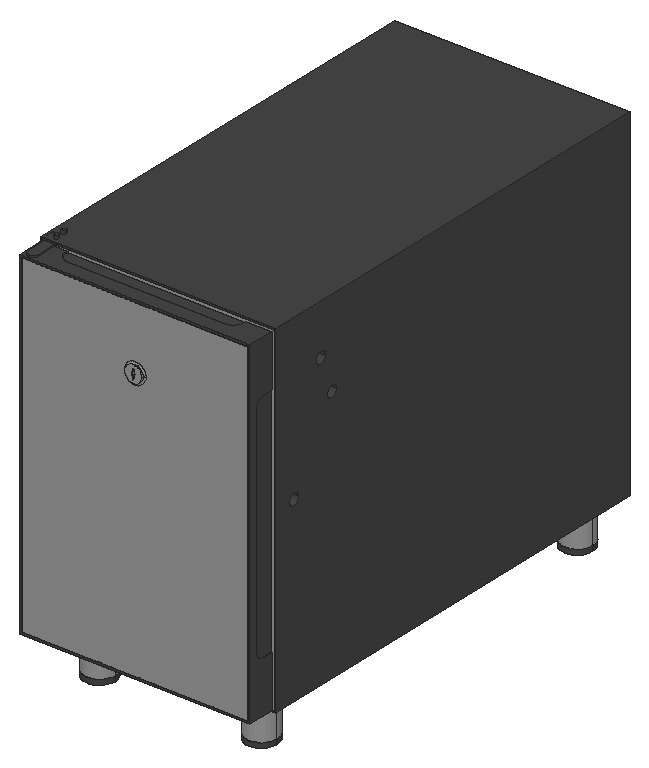
Revit family "Franke_Kühleinheit_KE200_EC-A600_MS_EC_FW", category Sonderausstattung, Revit 2015
Parameters (values of type "Kühleinheit KE200 EC-A600 MS EC FW(230V/EU)")
  URL = "http://www.franke.com/main/de/cs/produkte/produktsuche/produktsuche.html#akCache=true&p=1&t=grid&f=cat14_3210"
  Tiefe = 453 mm
  Temperaturbereich = "+ 3°C bis + 8°C"
  Spannung = 230 V
  Sicherung = "10 A"
  Netzfrequenz alternativ = 60 Hz
  Netzfrequenz = 50 Hz
  Modell = "410864 - Kühleinheit KE200 EC - A600 MS EC FW"
  Milchvorrat = "4 l"
  Leistung = 82 W
  Kosten = 0
  Höhe = 376 mm
  Hersteller = "Franke"
  Energieverlust nach DIN18873 = "0.460 kWh/24 h - 230 V"
  Breite = 225 mm
  Beschreibung = "Beistellgerät Kühleinheit KE200 MS1 dient zum Aufbewahren von gekühlter Milch"
  Assembly Code = "Beistellgerät Kühleinheit "
  Keynote = "Beistellgerät Kühleinheit"
  Aufstellgewicht = "13 kg"
  Anzahl von Polen = 1
  Anzahl der Schutzleiter = "1"
  Anzahl der Nullleiter = "1"
Reference planes
  plane 1 "Mitte (Vorne/Hinten)": y = 0
  plane 2: z = 0
  plane 3 "Mitte (Links/Rechts)": x = 0
Forms (mm)
  Extrusion 1, solid, material "Franke Black"
    sketch origin (0, 0, 20) x (0, 1, 0) y (0, 0, 1)
      loop
        line (212.3, 356) -> (-212.3, 356) -> (-212.3, 26) -> (212.3, 26) -> (212.3, 356)
    from -112.5 to 112.5
  Extrusion 2, solid, material "Franke Stahl, verchromt"
    sketch origin (0, 0, 20) x (1, 0, 0) y (0, 0, 1)
      loop
        circle (0, 290.954) r 8
      loop
        arc (1, 294.954) -> (0.707, 295.662) -> (0, 295.954) r 1
        arc (0, 295.954) -> (-0.707, 295.662) -> (-1, 294.954) r 1
        line (-1, 294.954) -> (-1, 292.687)
        arc (-1, 292.687) -> (-2, 290.954) -> (-1, 289.222) r 2
        line (-1, 289.222) -> (-1, 286.954)
        arc (-1, 286.954) -> (-0.707, 286.247) -> (0, 285.954) r 1
        arc (0, 285.954) -> (0.707, 286.247) -> (1, 286.954) r 1
        line (1, 286.954) -> (1, 289.222)
        arc (1, 289.222) -> (2, 290.954) -> (1, 292.687) r 2
        line (1, 292.687) -> (1, 294.954)
    from 240.3 to 242.3
  Blend 3, solid, material "Franke Stahl, verchromt"
    base sketch origin (0, 0, 20) x (1, 0, 0) y (0, 0, 1)
      loop
        circle (0, 290.954) r 10
    top sketch origin (0, 0, 20) x (1, 0, 0) y (0, 0, 1)
      loop
        circle (0, 290.954) r 8
    from 240.3 to 241.3
  Extrusion 4, solid
    sketch origin (0, 0, 20) x (1, 0, 0) y (0, 0, 1)
      loop
        line (-105.863, 349.363) -> (-105.863, 32.637) -> (105.863, 32.637) -> (105.863, 349.363) -> (-105.863, 349.363)
    from 212.3 to 214.3
  Revolve 5, solid, material "Franke Black"
    sketch origin (-77.5, 0, 39) x (0, 1, 0) y (0, 0, 1)
      loop
        line (212.3, 252) -> (225.9, 252) -> (225.9, 262.5)
        arc (225.9, 262.5) -> (225.314, 263.914) -> (223.9, 264.5) r 2
        line (223.9, 264.5) -> (212.3, 264.5) -> (212.3, 252)
      axis (225.9, 252) -> (212.3, 252)
    angle from 0 to 360
  Extrusion 6, void
    sketch origin (0, 0, 39) x (0, 1, 0) y (0, 0, 1)
      loop
        circle (-158.312, 288.596) r 6
      loop
        circle (-144.81, 253.988) r 6
      loop
        circle (-190.311, 180.988) r 6
    from 102.5 to 127.226
  Extrusion 7, void
    sketch origin (0, 0, 39) x (1, 0, 0) y (0, 0, 1)
      loop
        line (60.953, 48.985) -> (60.953, 22.709) -> (92.574, 22.709) -> (92.574, 48.985) -> (60.953, 48.985)
    from -221.866 to -202.3
  Extrusion 8, solid, material "Franke Black"
    sketch origin (0, 0, 20) x (1, 0, 0) y (0, 0, 1)
      loop
        line (-110.5, 354) -> (-110.5, 28) -> (110.5, 28) -> (110.5, 354) -> (-110.5, 354)
      loop
        line (108.5, 352) -> (-108.5, 352) -> (-108.5, 30) -> (108.5, 30) -> (108.5, 352)
    from 214.3 to 240.3
  Extrusion 9, solid, material "Franke Edelstahl, gebürstet"
    sketch origin (0, 0, 20) x (1, 0, 0) y (0, 0, 1)
      loop
        line (-108.5, 352) -> (-108.5, 30) -> (108.5, 30) -> (108.5, 352) -> (-108.5, 352)
      loop
        circle (0, 290.954) r 10
    from 214.3 to 240.3
  Extrusion 10, void
    sketch origin (0, 0, 20) x (0, 1, 0) y (0, 0, 1)
      loop
        line (-212.3, 78) -> (-212.3, 304) -> (-223.8, 304)
        arc (-223.8, 304) -> (-230.871, 301.071) -> (-233.8, 294) r 10
        line (-233.8, 294) -> (-233.8, 88)
        arc (-233.8, 88) -> (-230.871, 80.929) -> (-223.8, 78) r 10
        line (-223.8, 78) -> (-212.3, 78)
    from 109.5 to 123.031
  Extrusion 11, void
    sketch origin (0, 0, 20) x (0, 1, 0) y (0, 0, -1)
      loop
        line (-212.3, -78) -> (-223.8, -78)
        arc (-223.8, -78) -> (-230.871, -80.929) -> (-233.8, -88) r 10
        line (-233.8, -88) -> (-233.8, -294)
        arc (-233.8, -294) -> (-230.871, -301.071) -> (-223.8, -304) r 10
        line (-223.8, -304) -> (-212.3, -304) -> (-212.3, -78)
    from 109.5 to 123.031
  Extrusion 12, void
    sketch origin (0, 0, 20) x (1, 0, 0) y (0, 1, 0)
      loop
        line (-85.5, -212.3) -> (-85.5, -217.3)
        arc (-85.5, -217.3) -> (-82.571, -224.371) -> (-75.5, -227.3) r 10
        line (-75.5, -227.3) -> (75.5, -227.3)
        arc (75.5, -227.3) -> (82.571, -224.371) -> (85.5, -217.3) r 10
        line (85.5, -217.3) -> (85.5, -212.3) -> (-85.5, -212.3)
    from 353 to 371.405
  Extrusion 13, void
    sketch origin (0, 0, -322.405) x (0, -1, 0) y (1, 0, 0)
      loop
        line (212.3, -85.5) -> (217.3, -85.5)
        arc (217.3, -85.5) -> (224.371, -82.571) -> (227.3, -75.5) r 10
        line (227.3, -75.5) -> (227.3, 75.5)
        arc (227.3, 75.5) -> (224.371, 82.571) -> (217.3, 85.5) r 10
        line (217.3, 85.5) -> (212.3, 85.5) -> (212.3, -85.5)
    from 353 to 371.405
  Extrusion 14, void
    sketch origin (0, 0, 20) x (1, 0, 0) y (0, 0, 1)
      loop
        line (111.5, 355) -> (-111.5, 355) -> (-111.5, 27) -> (111.5, 27) -> (111.5, 355)
    from 199.527 to 273.235
  Extrusion 15, solid, material "Franke Kunststoff, undurchsichtig weiß"
    sketch origin (0, 0, 20) x (1, 0, 0) y (0, 0, 1)
      loop
        line (-111.5, 355) -> (-111.5, 27) -> (111.5, 27) -> (111.5, 355) -> (-111.5, 355)
    from 199.527 to 212.3
  Extrusion 16, solid, material "Franke Black"
    sketch origin (0, 0, 20) x (1, 0, 0) y (0, 1, 0)
      loop
        arc (-108.5, -233.3) -> (-103.5, -238.3) -> (-98.5, -233.3) r 5
        line (-98.5, -233.3) -> (-98.5, -212.3) -> (-108.5, -212.3) -> (-108.5, -233.3)
    from 354 to 355
  Extrusion 17, solid, material "Franke Black"
    sketch origin (0, 0, 20) x (1, 0, 0) y (0, 1, 0)
      loop
        circle (-103.5, -205.3) r 2
      loop
        circle (-103.5, -196.3) r 2
    from 356 to 358.5
  Extrusion 18, solid, material "Franke Black"
    sketch origin (0, 0, -307) x (0, -1, 0) y (1, 0, 0)
      loop
        arc (233.3, -108.5) -> (238.3, -103.5) -> (233.3, -98.5) r 5
        line (233.3, -98.5) -> (212.3, -98.5) -> (212.3, -108.5) -> (233.3, -108.5)
    from 354 to 355
  Extrusion 19, solid, material "Franke Stahl, verchromt"
    sketch origin (0, 0, 20) x (1, 0, 0) y (0, 1, 0)
      loop
        circle (0, 174.198) r 2.5
    from 20 to 26
  Extrusion 20, solid, material "Franke Stahl, verchromt"
    sketch origin (0, 0, 20) x (1, 0, 0) y (0, 1, 0)
      loop
        circle (-77.5, 193.3) r 15
      loop
        circle (77.5, 193.3) r 15
      loop
        circle (-77.5, -185.7) r 15
      loop
        circle (77.5, -185.7) r 15
    from -15 to 26
  Extrusion 21, solid, material "Franke Black"
    sketch origin (0, 0, -15) x (1, 0, 0) y (0, 1, 0)
      loop
        circle (-77.5, 193.3) r 15
      loop
        circle (77.5, 193.3) r 15
      loop
        circle (-77.5, -185.7) r 15
      loop
        circle (77.5, -185.7) r 15
    from 15 to 20
Cuts and joins
  Extrusion 6, Extrusion 7, Extrusion 14 cuts Extrusion 1
  Extrusion 10, Extrusion 11, Extrusion 12, Extrusion 13 cuts Extrusion 8
Lines and regions (mm)
  model lines
    curve 1: line (77.5, 208.3, 20) -> (77.5, 178.3, 20)
    curve 2: line (92.5, 193.3, 20) -> (62.5, 193.3, 20)
    curve 3: line (92.5, 193.3, 20) -> (62.5, 193.3, 20)
    curve 4: line (77.5, 178.3, 20) -> (77.5, 208.3, 20)
Dimensions and locks
  aligned and locked: level to plane 2
Connectors
  electrical at (0, 174.198, 40), driven by "Spannung", driven by "Anzahl von Polen"
    settings: on Extrusion 19, index 2, voltage 230 V, apparent load 0 VA, apparent load phase1 0 VA, apparent load phase2 0 VA, apparent load phase3 0 VA, power factor 1, load classification "Strom", number of poles 1, system type 31, power factor state 1, is connector primary yes, connector utility no, sub classification motor no, connector description ""
